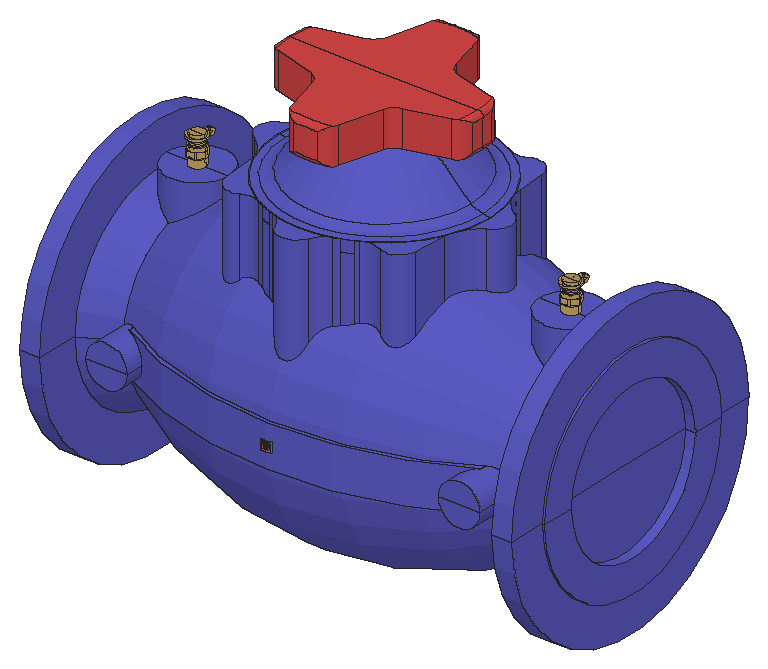
Revit family "HERZ Strömax Балансировочный клапан с измерительными клапанами, шпиндель прямой 4218 GMF", category Rohrzubehör, Revit 2021 (continued)
Definition of nested family "Messstutzen_Band_Austritt_senkrecht_(oben 25)"
  Forms (mm)
    Extrusion 4, solid, detail levels fine
      sketch origin (12.045, 0, 25.83) x (0, 1, 0) y (0.906308, 0, -0.422618)
        loop
          circle (0, 0) r 3.7
        loop
          arc (5.505, -3.906) -> (7.288, -2.358) -> (9.582, -1.8) r 5
          line (9.582, -1.8) -> (9.582, 1.8)
          arc (9.582, 1.8) -> (7.288, 2.358) -> (5.505, 3.906) r 5
          arc (5.505, 3.906) -> (-6.75, 0) -> (5.505, -3.906) r 6.75
      from 0 to -1.5
    Extrusion 5, solid, detail levels fine
      sketch origin (14.022, 0, 30.07) x (0, 1, 0) y (0.906308, 0, -0.422618)
        loop
          circle (0, 0) r 6.1
        loop
          arc (8.652, -4.495) -> (10.493, -2.527) -> (13.089, -1.8) r 5
          line (13.089, -1.8) -> (13.089, 1.8)
          arc (13.089, 1.8) -> (10.493, 2.527) -> (8.652, 4.495) r 5
          arc (8.652, 4.495) -> (-9.75, 0) -> (8.652, -4.495) r 9.75
      from 0 to -1.5
    Sweep 6, solid, detail levels fine
      path origin (0.876, 0.242, 1.118) x (-0.422618, 0, -0.906308) y (0, 1, 0)
        loop
          line (-27.75, 9.582) -> (-27.75, 14.522)
          arc (-27.75, 14.522) -> (-30.089, 16.862) -> (-32.428, 14.522) r 2.339
          line (-32.428, 14.522) -> (-32.428, 13.089)
      profile origin (12.603, 12.294, 26.268) x (0.422618, 0, 0.906308) y (0.906308, 0, -0.422618)
        loop
          line (-0.75, -1.8) -> (0.75, -1.8) -> (0.75, 1.8) -> (-0.75, 1.8) -> (-0.75, -1.8)
  Dimensions and locks
    aligned and locked: level to plane 2
Definition of nested family "Messstutzen_Band_Austritt_senkrecht_(oben 0.8)"
  Parameters (values of type "Messstutzen_Band_Austritt_senkrecht_(oben 0.8)")
    Default Elevation = 0.00 mm
    URL = "www.herz-armaturen.at"
    Schutzkappe [instance] = yes
    Nennweite [instance] = 0.00 mm
    Manufacturer = "Herz Armaturen GmbH"  # constant formula
    Gewicht [instance] = 0.00 kg
    Bestellnummer [instance] = 0
  Reference planes
    plane 1 "Mitte (Vorne/hinten)": y = 0
    plane 2: z = 0
    plane 3 "Mitte (Links/rechts)": x = 0
  Forms (mm)
    Revolve 1, solid, detail levels fine
      sketch origin (0, 0, 0) x (0.999903, 0, -0.013962) y (0.013962, 0, 0.999903)
        loop
          line (-7.4, 9) -> (-5.55, 9) -> (-5.55, 6)
          arc (-5.55, 6) -> (-5.626, 5.617) -> (-5.843, 5.293) r 1
          line (-5.843, 5.293) -> (-6.455, 4.681) -> (-6.455, 0.9) -> (-5.555, 0) -> (-2, 0) -> (-2, 17.5) -> (-8.4, 17.5)
          arc (-8.4, 17.5) -> (-7.693, 17.207) -> (-7.4, 16.5) r 1
          line (-7.4, 16.5) -> (-7.4, 9)
        loop
          line (-3.7, 27) -> (-7.3, 27) -> (-7.9, 26.4) -> (-7.9, 23) -> (-2, 23) -> (-2, 35.8) -> (-3.805, 35.8) -> (-4.415, 35.19) -> (-4.415, 30.863) -> (-3.7, 30.45) -> (-3.7, 27)
        axis (0, 0) -> (0, 35.8)
      angle from 0 to 360
    Extrusion 2, solid, detail levels fine
      sketch origin (0.244, 0, 17.498) x (0, 1, 0) y (-0.999903, 0, 0.013962)
        loop
          arc (-7.07, 5.156) -> (-7.578, 4.375) -> (-8, 3.544) r 8.75
          line (-8, 3.544) -> (-8, -3.544)
          arc (-8, -3.544) -> (-7.578, -4.375) -> (-7.07, -5.156) r 8.75
          line (-7.07, -5.156) -> (-0.93, -8.7)
          arc (-0.93, -8.7) -> (0, -8.75) -> (0.93, -8.7) r 8.75
          line (0.93, -8.7) -> (7.07, -5.156)
          arc (7.07, -5.156) -> (7.578, -4.375) -> (8, -3.544) r 8.75
          line (8, -3.544) -> (8, 3.544)
          arc (8, 3.544) -> (7.578, 4.375) -> (7.07, 5.156) r 8.75
          line (7.07, 5.156) -> (0.93, 8.7)
          arc (0.93, 8.7) -> (0, 8.75) -> (-0.93, 8.7) r 8.75
          line (-0.93, 8.7) -> (-7.07, 5.156)
      from 0 to 5.5
    Revolve 3, solid, visible <- "Schutzkappe", detail levels fine
      sketch origin (0, 0, 0) x (0.999903, 0, -0.013962) y (0.013962, 0, 0.999903)
        loop
          line (0, 35.878) -> (0, 36.678) -> (-7, 36.678) -> (-7, 33.378) -> (-6.1, 33.378) -> (-6.1, 31.678) -> (-6.9, 31.678) -> (-6.9, 30.178) -> (-4.415, 30.178) -> (-4.415, 35.268) -> (-3.805, 35.878) -> (0, 35.878)
        axis (0, 30.178) -> (0, 36.678)
      angle from 0 to 360
    Extrusion 4, solid, detail levels fine
      sketch origin (0.398, 0, 28.497) x (0, 1, 0) y (0.999903, 0, -0.013962)
        loop
          circle (0, 0) r 3.7
        loop
          arc (5.505, -3.906) -> (7.288, -2.358) -> (9.582, -1.8) r 5
          line (9.582, -1.8) -> (9.582, 1.8)
          arc (9.582, 1.8) -> (7.288, 2.358) -> (5.505, 3.906) r 5
          arc (5.505, 3.906) -> (-6.75, 0) -> (5.505, -3.906) r 6.75
      from 0 to -1.5
    Extrusion 5, solid, detail levels fine
      sketch origin (0.463, 0, 33.175) x (0, 1, 0) y (0.999903, 0, -0.013962)
        loop
          circle (0, 0) r 6.1
        loop
          arc (8.652, -4.495) -> (10.493, -2.527) -> (13.089, -1.8) r 5
          line (13.089, -1.8) -> (13.089, 1.8)
          arc (13.089, 1.8) -> (10.493, 2.527) -> (8.652, 4.495) r 5
          arc (8.652, 4.495) -> (-9.75, 0) -> (8.652, -4.495) r 9.75
      from 0 to -1.5
    Sweep 6, solid, detail levels fine
      path origin (0.514, 0.493, 1.007) x (-0.013962, 0, -0.999903) y (0, 1, 0)
        loop
          line (-27.75, 9.582) -> (-27.75, 14.522)
          arc (-27.75, 14.522) -> (-30.089, 16.862) -> (-32.428, 14.522) r 2.339
          line (-32.428, 14.522) -> (-32.428, 13.089)
      profile origin (0.901, 12.545, 28.754) x (0.013962, 0, 0.999903) y (0.999903, 0, -0.013962)
        loop
          line (-0.75, -1.8) -> (0.75, -1.8) -> (0.75, 1.8) -> (-0.75, 1.8) -> (-0.75, -1.8)
  Dimensions and locks
    aligned and locked: level to plane 2
Definition of nested family "Messstutzen_Band_Eintritt_senkrecht_(oben 10)"
  Parameters (values of type "Messstutzen_Band_Eintritt_senkrecht_(oben 10)")
    Default Elevation = 0.00 mm
    URL = "www.herz-armaturen.at"
    Schutzkappe [instance] = yes
    Nennweite [instance] = 0.00 mm
    Manufacturer = "Herz Armaturen GmbH"  # constant formula
    Gewicht [instance] = 0.00 kg
    Bestellnummer [instance] = 0
  Reference planes
    plane 1 "Mitte (Vorne/hinten)": y = 0
    plane 2: z = 0
    plane 3 "Mitte (Links/rechts)": x = 0
  Forms (mm)
    Revolve 1, solid, detail levels fine
      sketch origin (0, 0, 0) x (0.984808, 0, 0.173648) y (-0.173648, 0, 0.984808)
        loop
          line (-7.4, 9) -> (-5.55, 9) -> (-5.55, 6)
          arc (-5.55, 6) -> (-5.626, 5.617) -> (-5.843, 5.293) r 1
          line (-5.843, 5.293) -> (-6.455, 4.681) -> (-6.455, 0.9) -> (-5.555, 0) -> (-2, 0) -> (-2, 17.5) -> (-8.4, 17.5)
          arc (-8.4, 17.5) -> (-7.693, 17.207) -> (-7.4, 16.5) r 1
          line (-7.4, 16.5) -> (-7.4, 9)
        loop
          line (-3.7, 27) -> (-7.3, 27) -> (-7.9, 26.4) -> (-7.9, 23) -> (-2, 23) -> (-2, 35.8) -> (-3.805, 35.8) -> (-4.415, 35.19) -> (-4.415, 30.863) -> (-3.7, 30.45) -> (-3.7, 27)
        axis (0, 0) -> (0, 35.8)
      angle from 0 to 360
    Extrusion 2, solid, detail levels fine
      sketch origin (-3.039, 0, 17.234) x (0, 1, 0) y (-0.984808, 0, -0.173648)
        loop
          arc (-7.07, 5.156) -> (-7.578, 4.375) -> (-8, 3.544) r 8.75
          line (-8, 3.544) -> (-8, -3.544)
          arc (-8, -3.544) -> (-7.578, -4.375) -> (-7.07, -5.156) r 8.75
          line (-7.07, -5.156) -> (-0.93, -8.7)
          arc (-0.93, -8.7) -> (0, -8.75) -> (0.93, -8.7) r 8.75
          line (0.93, -8.7) -> (7.07, -5.156)
          arc (7.07, -5.156) -> (7.578, -4.375) -> (8, -3.544) r 8.75
          line (8, -3.544) -> (8, 3.544)
          arc (8, 3.544) -> (7.578, 4.375) -> (7.07, 5.156) r 8.75
          line (7.07, 5.156) -> (0.93, 8.7)
          arc (0.93, 8.7) -> (0, 8.75) -> (-0.93, 8.7) r 8.75
          line (-0.93, 8.7) -> (-7.07, 5.156)
      from 0 to 5.5
    Revolve 3, solid, visible <- "Schutzkappe", detail levels fine
      sketch origin (0, 0, 0) x (0.984808, 0, 0.173648) y (-0.173648, 0, 0.984808)
        loop
          line (0, 35.878) -> (0, 36.678) -> (-7, 36.678) -> (-7, 33.378) -> (-6.1, 33.378) -> (-6.1, 31.678) -> (-6.9, 31.678) -> (-6.9, 30.178) -> (-4.415, 30.178) -> (-4.415, 35.268) -> (-3.805, 35.878) -> (0, 35.878)
        axis (0, 30.178) -> (0, 36.678)
      angle from 0 to 360
    Extrusion 4, solid, detail levels fine
      sketch origin (-4.949, 0, 28.067) x (0, 1, 0) y (0.984808, 0, 0.173648)
        loop
          circle (0, 0) r 3.7
        loop
          arc (5.505, -3.906) -> (7.288, -2.358) -> (9.582, -1.8) r 5
          line (9.582, -1.8) -> (9.582, 1.8)
          arc (9.582, 1.8) -> (7.288, 2.358) -> (5.505, 3.906) r 5
          arc (5.505, 3.906) -> (-6.75, 0) -> (5.505, -3.906) r 6.75
      from 0 to -1.5
    Extrusion 5, solid, detail levels fine
      sketch origin (-5.761, 0, 32.674) x (0, 1, 0) y (0.984808, 0, 0.173648)
        loop
          circle (0, 0) r 6.1
        loop
          arc (8.652, -4.495) -> (10.493, -2.527) -> (13.089, -1.8) r 5
          line (13.089, -1.8) -> (13.089, 1.8)
          arc (13.089, 1.8) -> (10.493, 2.527) -> (8.652, 4.495) r 5
          arc (8.652, 4.495) -> (-9.75, 0) -> (8.652, -4.495) r 9.75
      from 0 to -1.5
    Sweep 6, solid, detail levels fine
      path origin (0.6, 0.141, 0.838) x (0.173648, 0, -0.984808) y (0, 1, 0)
        loop
          line (-27.75, 9.582) -> (-27.75, 14.522)
          arc (-27.75, 14.522) -> (-30.089, 16.862) -> (-32.428, 14.522) r 2.339
          line (-32.428, 14.522) -> (-32.428, 13.089)
      profile origin (-4.219, 12.193, 28.166) x (-0.173648, 0, 0.984808) y (0.984808, 0, 0.173648)
        loop
          line (-0.75, -1.8) -> (0.75, -1.8) -> (0.75, 1.8) -> (-0.75, 1.8) -> (-0.75, -1.8)
  Dimensions and locks
    aligned and locked: level to plane 2
Definition of nested family "Messstutzen_Band_Eintritt_senkrecht_(oben 15)"
  Parameters (values of type "Messstutzen_Band_Eintritt_senkrecht_(oben 15)")
    Default Elevation = 0.00 mm
    URL = "www.herz-armaturen.at"
    Schutzkappe [instance] = yes
    Nennweite [instance] = 0.00 mm
    Manufacturer = "Herz Armaturen GmbH"  # constant formula
    Gewicht [instance] = 0.00 kg
    Bestellnummer [instance] = 0
  Reference planes
    plane 1 "Mitte (Vorne/hinten)": y = 0
    plane 2: z = 0
    plane 3 "Mitte (Links/rechts)": x = 0
  Forms (mm)
    Revolve 1, solid, detail levels fine
      sketch origin (0, 0, 0) x (0.965926, 0, 0.258819) y (-0.258819, 0, 0.965926)
        loop
          line (-7.4, 9) -> (-5.55, 9) -> (-5.55, 6)
          arc (-5.55, 6) -> (-5.626, 5.617) -> (-5.843, 5.293) r 1
          line (-5.843, 5.293) -> (-6.455, 4.681) -> (-6.455, 0.9) -> (-5.555, 0) -> (-2, 0) -> (-2, 17.5) -> (-8.4, 17.5)
          arc (-8.4, 17.5) -> (-7.693, 17.207) -> (-7.4, 16.5) r 1
          line (-7.4, 16.5) -> (-7.4, 9)
        loop
          line (-3.7, 27) -> (-7.3, 27) -> (-7.9, 26.4) -> (-7.9, 23) -> (-2, 23) -> (-2, 35.8) -> (-3.805, 35.8) -> (-4.415, 35.19) -> (-4.415, 30.863) -> (-3.7, 30.45) -> (-3.7, 27)
        axis (0, 0) -> (0, 35.8)
      angle from 0 to 360
    Extrusion 2, solid, detail levels fine
      sketch origin (-4.529, 0, 16.904) x (0, 1, 0) y (-0.965926, 0, -0.258819)
        loop
          arc (-7.07, 5.156) -> (-7.578, 4.375) -> (-8, 3.544) r 8.75
          line (-8, 3.544) -> (-8, -3.544)
          arc (-8, -3.544) -> (-7.578, -4.375) -> (-7.07, -5.156) r 8.75
          line (-7.07, -5.156) -> (-0.93, -8.7)
          arc (-0.93, -8.7) -> (0, -8.75) -> (0.93, -8.7) r 8.75
          line (0.93, -8.7) -> (7.07, -5.156)
          arc (7.07, -5.156) -> (7.578, -4.375) -> (8, -3.544) r 8.75
          line (8, -3.544) -> (8, 3.544)
          arc (8, 3.544) -> (7.578, 4.375) -> (7.07, 5.156) r 8.75
          line (7.07, 5.156) -> (0.93, 8.7)
          arc (0.93, 8.7) -> (0, 8.75) -> (-0.93, 8.7) r 8.75
          line (-0.93, 8.7) -> (-7.07, 5.156)
      from 0 to 5.5
    Revolve 3, solid, visible <- "Schutzkappe", detail levels fine
      sketch origin (0, 0, 0) x (0.965926, 0, 0.258819) y (-0.258819, 0, 0.965926)
        loop
          line (0, 35.878) -> (0, 36.678) -> (-7, 36.678) -> (-7, 33.378) -> (-6.1, 33.378) -> (-6.1, 31.678) -> (-6.9, 31.678) -> (-6.9, 30.178) -> (-4.415, 30.178) -> (-4.415, 35.268) -> (-3.805, 35.878) -> (0, 35.878)
        axis (0, 30.178) -> (0, 36.678)
      angle from 0 to 360
    Extrusion 4, solid, detail levels fine
      sketch origin (-7.376, 0, 27.529) x (0, 1, 0) y (0.965926, 0, 0.258819)
        loop
          circle (0, 0) r 3.7
        loop
          arc (5.505, -3.906) -> (7.288, -2.358) -> (9.582, -1.8) r 5
          line (9.582, -1.8) -> (9.582, 1.8)
          arc (9.582, 1.8) -> (7.288, 2.358) -> (5.505, 3.906) r 5
          arc (5.505, 3.906) -> (-6.75, 0) -> (5.505, -3.906) r 6.75
      from 0 to -1.5
    Extrusion 5, solid, detail levels fine
      sketch origin (-8.587, 0, 32.048) x (0, 1, 0) y (0.965926, 0, 0.258819)
        loop
          circle (0, 0) r 6.1
        loop
          arc (8.652, -4.495) -> (10.493, -2.527) -> (13.089, -1.8) r 5
          line (13.089, -1.8) -> (13.089, 1.8)
          arc (13.089, 1.8) -> (10.493, 2.527) -> (8.652, 4.495) r 5
          arc (8.652, 4.495) -> (-9.75, 0) -> (8.652, -4.495) r 9.75
      from 0 to -1.5
    Sweep 6, solid, detail levels fine
      path origin (0.468, 0.277, 0.942) x (0.258819, 0, -0.965926) y (0, 1, 0)
        loop
          line (-27.75, 9.582) -> (-27.75, 14.522)
          arc (-27.75, 14.522) -> (-30.089, 16.862) -> (-32.428, 14.522) r 2.339
          line (-32.428, 14.522) -> (-32.428, 13.089)
      profile origin (-6.714, 12.329, 27.747) x (-0.258819, 0, 0.965926) y (0.965926, 0, 0.258819)
        loop
          line (-0.75, -1.8) -> (0.75, -1.8) -> (0.75, 1.8) -> (-0.75, 1.8) -> (-0.75, -1.8)
  Dimensions and locks
    aligned and locked: level to plane 2
Definition of nested family "Messstutzen_Band_Eintritt_senkrecht_(oben 25)"
  Parameters (values of type "Messstutzen_Band_Eintritt_senkrecht_(oben 25)")
    Default Elevation = 0.00 mm
    URL = "www.herz-armaturen.at"
    Schutzkappe [instance] = yes
    Nennweite [instance] = 0.00 mm
    Manufacturer = "Herz Armaturen GmbH"  # constant formula
    Gewicht [instance] = 0.00 kg
    Bestellnummer [instance] = 0
  Reference planes
    plane 1 "Mitte (Vorne/hinten)": y = 0
    plane 2: z = 0
    plane 3 "Mitte (Links/rechts)": x = 0
  Forms (mm)
    Revolve 1, solid, detail levels fine
      sketch origin (0, 0, 0) x (0.906308, 0, 0.422618) y (-0.422618, 0, 0.906308)
        loop
          line (-7.4, 9) -> (-5.55, 9) -> (-5.55, 6)
          arc (-5.55, 6) -> (-5.626, 5.617) -> (-5.843, 5.293) r 1
          line (-5.843, 5.293) -> (-6.455, 4.681) -> (-6.455, 0.9) -> (-5.555, 0) -> (-2, 0) -> (-2, 17.5) -> (-8.4, 17.5)
          arc (-8.4, 17.5) -> (-7.693, 17.207) -> (-7.4, 16.5) r 1
          line (-7.4, 16.5) -> (-7.4, 9)
        loop
          line (-3.7, 27) -> (-7.3, 27) -> (-7.9, 26.4) -> (-7.9, 23) -> (-2, 23) -> (-2, 35.8) -> (-3.805, 35.8) -> (-4.415, 35.19) -> (-4.415, 30.863) -> (-3.7, 30.45) -> (-3.7, 27)
        axis (0, 0) -> (0, 35.8)
      angle from 0 to 360
    Extrusion 2, solid, detail levels fine
      sketch origin (-7.396, 0, 15.86) x (0, 1, 0) y (-0.906308, 0, -0.422618)
        loop
          arc (-7.07, 5.156) -> (-7.578, 4.375) -> (-8, 3.544) r 8.75
          line (-8, 3.544) -> (-8, -3.544)
          arc (-8, -3.544) -> (-7.578, -4.375) -> (-7.07, -5.156) r 8.75
          line (-7.07, -5.156) -> (-0.93, -8.7)
          arc (-0.93, -8.7) -> (0, -8.75) -> (0.93, -8.7) r 8.75
          line (0.93, -8.7) -> (7.07, -5.156)
          arc (7.07, -5.156) -> (7.578, -4.375) -> (8, -3.544) r 8.75
          line (8, -3.544) -> (8, 3.544)
          arc (8, 3.544) -> (7.578, 4.375) -> (7.07, 5.156) r 8.75
          line (7.07, 5.156) -> (0.93, 8.7)
          arc (0.93, 8.7) -> (0, 8.75) -> (-0.93, 8.7) r 8.75
          line (-0.93, 8.7) -> (-7.07, 5.156)
      from 0 to 5.5
    Revolve 3, solid, visible <- "Schutzkappe", detail levels fine
      sketch origin (0, 0, 0) x (0.906308, 0, 0.422618) y (-0.422618, 0, 0.906308)
        loop
          line (0, 35.878) -> (0, 36.678) -> (-7, 36.678) -> (-7, 33.378) -> (-6.1, 33.378) -> (-6.1, 31.678) -> (-6.9, 31.678) -> (-6.9, 30.178) -> (-4.415, 30.178) -> (-4.415, 35.268) -> (-3.805, 35.878) -> (0, 35.878)
        axis (0, 30.178) -> (0, 36.678)
      angle from 0 to 360
    Extrusion 4, solid, detail levels fine
      sketch origin (-12.045, 0, 25.83) x (0, 1, 0) y (0.906308, 0, 0.422618)
        loop
          circle (0, 0) r 3.7
        loop
          arc (5.505, -3.906) -> (7.288, -2.358) -> (9.582, -1.8) r 5
          line (9.582, -1.8) -> (9.582, 1.8)
          arc (9.582, 1.8) -> (7.288, 2.358) -> (5.505, 3.906) r 5
          arc (5.505, 3.906) -> (-6.75, 0) -> (5.505, -3.906) r 6.75
      from 0 to -1.5
    Extrusion 5, solid, detail levels fine
      sketch origin (-14.022, 0, 30.07) x (0, 1, 0) y (0.906308, 0, 0.422618)
        loop
          circle (0, 0) r 6.1
        loop
          arc (8.652, -4.495) -> (10.493, -2.527) -> (13.089, -1.8) r 5
          line (13.089, -1.8) -> (13.089, 1.8)
          arc (13.089, 1.8) -> (10.493, 2.527) -> (8.652, 4.495) r 5
          arc (8.652, 4.495) -> (-9.75, 0) -> (8.652, -4.495) r 9.75
      from 0 to -1.5
    Sweep 6, solid, detail levels fine
      path origin (-0.876, 0.242, 1.118) x (0.422618, 0, -0.906308) y (0, 1, 0)
        loop
          line (-27.75, 9.582) -> (-27.75, 14.522)
          arc (-27.75, 14.522) -> (-30.089, 16.862) -> (-32.428, 14.522) r 2.339
          line (-32.428, 14.522) -> (-32.428, 13.089)
      profile origin (-12.603, 12.294, 26.268) x (-0.422618, 0, 0.906308) y (0.906308, 0, 0.422618)
        loop
          line (-0.75, -1.8) -> (0.75, -1.8) -> (0.75, 1.8) -> (-0.75, 1.8) -> (-0.75, -1.8)
  Dimensions and locks
    aligned and locked: level to plane 2
Definition of nested family "Messstutzen_Band_Eintritt_senkrecht_(oben 0.8)"
  Parameters (values of type "Messstutzen_Band_Eintritt_senkrecht_(oben 0.8)")
    Default Elevation = 0.00 mm
    URL = "www.herz-armaturen.at"
    Schutzkappe [instance] = yes
    Nennweite [instance] = 0.00 mm
    Manufacturer = "Herz Armaturen GmbH"  # constant formula
    Gewicht [instance] = 0.00 kg
    Bestellnummer [instance] = 0
  Reference planes
    plane 1 "Mitte (Vorne/hinten)": y = 0
    plane 2: z = 0
    plane 3 "Mitte (Links/rechts)": x = 0
  Forms (mm)
    Revolve 1, solid, detail levels fine
      sketch origin (0, 0, 0) x (0.999903, 0, 0.013962) y (-0.013962, 0, 0.999903)
        loop
          line (-7.4, 9) -> (-5.55, 9) -> (-5.55, 6)
          arc (-5.55, 6) -> (-5.626, 5.617) -> (-5.843, 5.293) r 1
          line (-5.843, 5.293) -> (-6.455, 4.681) -> (-6.455, 0.9) -> (-5.555, 0) -> (-2, 0) -> (-2, 17.5) -> (-8.4, 17.5)
          arc (-8.4, 17.5) -> (-7.693, 17.207) -> (-7.4, 16.5) r 1
          line (-7.4, 16.5) -> (-7.4, 9)
        loop
          line (-3.7, 27) -> (-7.3, 27) -> (-7.9, 26.4) -> (-7.9, 23) -> (-2, 23) -> (-2, 35.8) -> (-3.805, 35.8) -> (-4.415, 35.19) -> (-4.415, 30.863) -> (-3.7, 30.45) -> (-3.7, 27)
        axis (0, 0) -> (0, 35.8)
      angle from 0 to 360
    Extrusion 2, solid, detail levels fine
      sketch origin (-0.244, 0, 17.498) x (0, 1, 0) y (-0.999903, 0, -0.013962)
        loop
          arc (-7.07, 5.156) -> (-7.578, 4.375) -> (-8, 3.544) r 8.75
          line (-8, 3.544) -> (-8, -3.544)
          arc (-8, -3.544) -> (-7.578, -4.375) -> (-7.07, -5.156) r 8.75
          line (-7.07, -5.156) -> (-0.93, -8.7)
          arc (-0.93, -8.7) -> (0, -8.75) -> (0.93, -8.7) r 8.75
          line (0.93, -8.7) -> (7.07, -5.156)
          arc (7.07, -5.156) -> (7.578, -4.375) -> (8, -3.544) r 8.75
          line (8, -3.544) -> (8, 3.544)
          arc (8, 3.544) -> (7.578, 4.375) -> (7.07, 5.156) r 8.75
          line (7.07, 5.156) -> (0.93, 8.7)
          arc (0.93, 8.7) -> (0, 8.75) -> (-0.93, 8.7) r 8.75
          line (-0.93, 8.7) -> (-7.07, 5.156)
      from 0 to 5.5
    Revolve 3, solid, visible <- "Schutzkappe", detail levels fine
      sketch origin (0, 0, 0) x (0.999903, 0, 0.013962) y (-0.013962, 0, 0.999903)
        loop
          line (0, 35.878) -> (0, 36.678) -> (-7, 36.678) -> (-7, 33.378) -> (-6.1, 33.378) -> (-6.1, 31.678) -> (-6.9, 31.678) -> (-6.9, 30.178) -> (-4.415, 30.178) -> (-4.415, 35.268) -> (-3.805, 35.878) -> (0, 35.878)
        axis (0, 30.178) -> (0, 36.678)
      angle from 0 to 360
    Extrusion 4, solid, detail levels fine
      sketch origin (-0.398, 0, 28.497) x (0, 1, 0) y (0.999903, 0, 0.013962)
        loop
          circle (0, 0) r 3.7
        loop
          arc (5.505, -3.906) -> (7.288, -2.358) -> (9.582, -1.8) r 5
          line (9.582, -1.8) -> (9.582, 1.8)
          arc (9.582, 1.8) -> (7.288, 2.358) -> (5.505, 3.906) r 5
          arc (5.505, 3.906) -> (-6.75, 0) -> (5.505, -3.906) r 6.75
      from 0 to -1.5
    Extrusion 5, solid, detail levels fine
      sketch origin (-0.463, 0, 33.175) x (0, 1, 0) y (0.999903, 0, 0.013962)
        loop
          circle (0, 0) r 6.1
        loop
          arc (8.652, -4.495) -> (10.493, -2.527) -> (13.089, -1.8) r 5
          line (13.089, -1.8) -> (13.089, 1.8)
          arc (13.089, 1.8) -> (10.493, 2.527) -> (8.652, 4.495) r 5
          arc (8.652, 4.495) -> (-9.75, 0) -> (8.652, -4.495) r 9.75
      from 0 to -1.5
    Sweep 6, solid, detail levels fine
      path origin (0.447, 0.318, 1.252) x (0.013962, 0, -0.999903) y (0, 1, 0)
        loop
          line (-27.75, 9.582) -> (-27.75, 14.522)
          arc (-27.75, 14.522) -> (-30.089, 16.862) -> (-32.428, 14.522) r 2.339
          line (-32.428, 14.522) -> (-32.428, 13.089)
      profile origin (0.059, 12.37, 29) x (-0.013962, 0, 0.999903) y (0.999903, 0, 0.013962)
        loop
          line (-0.75, -1.8) -> (0.75, -1.8) -> (0.75, 1.8) -> (-0.75, 1.8) -> (-0.75, -1.8)
  Dimensions and locks
    aligned and locked: level to plane 2
Definition of nested family "Strangregulierventil-Handrad-Gerade (Rot) DN15-DN40"
  Parameters (values of type "Strangregulierventil-Handrad-Gerade (Rot) DN15-DN40")
    Default Elevation = 0.00 mm
    URL = "www.herz-armaturen.at"
    Nennweite [instance] = 0.00 mm
    Manufacturer = "Herz Armaturen GmbH"  # constant formula
    Gewicht [instance] = 0.00 kg
    Bestellnummer [instance] = 0
  Reference planes
    plane 1 "Mitte (Vorne/hinten)": y = 0
    plane 2: z = 0
    plane 3 "Mitte (Links/rechts)": x = 0
  Forms (mm)
    Revolve 1, solid, detail levels fine
      sketch origin (0, 0, 0) x (1, 0, 0) y (0, 0, 1)
        loop
          line (0, 0) -> (0, 24.95) -> (-30.992, 24.95)
          arc (-30.992, 24.95) -> (-34.37, 23.636) -> (-35.973, 20.386) r 5
          line (-35.973, 20.386) -> (-37, 8.65) -> (-35.986, -2.936)
          arc (-35.986, -2.936) -> (-34.383, -6.186) -> (-31.005, -7.5) r 5
          line (-31.005, -7.5) -> (-15, -7.5) -> (-15, 0) -> (0, 0)
        axis (0, 24.95) -> (0, -7.5)
      angle from 0 to 360
    Extrusion 2, void
      sketch origin (0, 0, 20.3) x (1, 0, 0) y (0, 1, 0)
        loop
          line (3.861, 35.5) -> (-3.861, 35.5)
          arc (-3.861, 35.5) -> (-8.731, 33.847) -> (-11.589, 29.571) r 8
          line (-11.589, 29.571) -> (-13.284, 23.245)
          arc (-13.284, 23.245) -> (-13.982, 21.722) -> (-15.144, 20.516) r 5
          arc (-15.144, 20.516) -> (-18.031, 18.031) -> (-20.516, 15.144) r 25.5
          arc (-20.516, 15.144) -> (-21.722, 13.982) -> (-23.245, 13.284) r 5
          line (-23.245, 13.284) -> (-29.571, 11.589)
          arc (-29.571, 11.589) -> (-33.847, 8.731) -> (-35.5, 3.861) r 8
          line (-35.5, 3.861) -> (-35.5, -3.861)
          arc (-35.5, -3.861) -> (-33.847, -8.731) -> (-29.571, -11.589) r 8
          line (-29.571, -11.589) -> (-23.245, -13.284)
          arc (-23.245, -13.284) -> (-21.722, -13.982) -> (-20.516, -15.144) r 5
          arc (-20.516, -15.144) -> (-18.031, -18.031) -> (-15.144, -20.516) r 25.5
          arc (-15.144, -20.516) -> (-13.982, -21.722) -> (-13.284, -23.245) r 5
          line (-13.284, -23.245) -> (-11.589, -29.571)
          arc (-11.589, -29.571) -> (-8.731, -33.847) -> (-3.861, -35.5) r 8
          line (-3.861, -35.5) -> (3.861, -35.5)
          arc (3.861, -35.5) -> (8.731, -33.847) -> (11.589, -29.571) r 8
          line (11.589, -29.571) -> (13.284, -23.245)
          arc (13.284, -23.245) -> (13.982, -21.722) -> (15.144, -20.516) r 5
          arc (15.144, -20.516) -> (18.031, -18.031) -> (20.516, -15.144) r 25.5
          arc (20.516, -15.144) -> (21.722, -13.982) -> (23.245, -13.284) r 5
          line (23.245, -13.284) -> (29.571, -11.589)
          arc (29.571, -11.589) -> (33.847, -8.731) -> (35.5, -3.861) r 8
          line (35.5, -3.861) -> (35.5, 3.861)
          arc (35.5, 3.861) -> (33.847, 8.731) -> (29.571, 11.589) r 8
          line (29.571, 11.589) -> (23.245, 13.284)
          arc (23.245, 13.284) -> (21.722, 13.982) -> (20.516, 15.144) r 5
          arc (20.516, 15.144) -> (18.031, 18.031) -> (15.144, 20.516) r 25.5
          arc (15.144, 20.516) -> (13.982, 21.722) -> (13.284, 23.245) r 5
          line (13.284, 23.245) -> (11.589, 29.571)
          arc (11.589, 29.571) -> (8.731, 33.847) -> (3.861, 35.5) r 8
        loop
          circle (0, 0) r 38
      from -31.266 to 7.923
  Cuts and joins
    Extrusion 2 cuts Revolve 1
  Dimensions and locks
    Revolve 1 sketch curve to Revolve 1 sketch curve = 15.00 mm
    Revolve 1 sketch curve to Revolve 1 sketch curve = 16.15 mm
    Revolve 1 sketch curve to Revolve 1 sketch curve = 16.30 mm
    angle Revolve 1 sketch curve to Revolve 1 sketch curve = 95.00°
    aligned and locked: level to plane 2
Definition of nested family "Strangregulierventil-Handrad-Gerade (Rot) DN50-DN80"
  Parameters (values of type "Strangregulierventil-Handrad-Gerade (Rot) DN50-DN80")
    Default Elevation = 0.00 mm
    URL = "www.herz-armaturen.at"
    Nennweite [instance] = 0.00 mm
    Manufacturer = "Herz Armaturen GmbH"  # constant formula
    Gewicht [instance] = 0.00 kg
    Bestellnummer [instance] = 0
  Reference planes
    plane 1 "Mitte (Vorne/hinten)": y = 0
    plane 2: z = 0
    plane 3 "Mitte (Links/rechts)": x = 0
  Forms (mm)
    Revolve 1, solid, detail levels fine
      sketch origin (0, 0, 0) x (1, 0, 0) y (0, 0, 1)
        loop
          line (0, 0) -> (0, 24.95) -> (-50.992, 24.95)
          arc (-50.992, 24.95) -> (-54.37, 23.636) -> (-55.973, 20.386) r 5
          line (-55.973, 20.386) -> (-57, 8.65) -> (-55.986, -2.936)
          arc (-55.986, -2.936) -> (-54.383, -6.186) -> (-51.005, -7.5) r 5
          line (-51.005, -7.5) -> (-15, -7.5) -> (-15, 0) -> (0, 0)
        axis (0, 24.95) -> (0, -7.5)
      angle from 0 to 360
    Extrusion 2, void
      sketch origin (0, 0, 20.3) x (1, 0, 0) y (0, 1, 0)
        loop
          line (-55, 6.292) -> (-55, -6.292)
          arc (-55, -6.292) -> (-52.52, -13.597) -> (-46.106, -17.883) r 12
          line (-46.106, -17.883) -> (-35.399, -20.752)
          arc (-35.399, -20.752) -> (-33.541, -21.612) -> (-32.08, -23.047) r 6
          arc (-32.08, -23.047) -> (-27.931, -27.931) -> (-23.047, -32.08) r 39.5
          arc (-23.047, -32.08) -> (-21.612, -33.541) -> (-20.752, -35.399) r 6
          line (-20.752, -35.399) -> (-17.883, -46.106)
          arc (-17.883, -46.106) -> (-13.597, -52.52) -> (-6.292, -55) r 12
          line (-6.292, -55) -> (6.292, -55)
          arc (6.292, -55) -> (13.597, -52.52) -> (17.883, -46.106) r 12
          line (17.883, -46.106) -> (20.752, -35.399)
          arc (20.752, -35.399) -> (21.612, -33.541) -> (23.047, -32.08) r 6
          arc (23.047, -32.08) -> (27.931, -27.931) -> (32.08, -23.047) r 39.5
          arc (32.08, -23.047) -> (33.541, -21.612) -> (35.399, -20.752) r 6
          line (35.399, -20.752) -> (46.106, -17.883)
          arc (46.106, -17.883) -> (52.52, -13.597) -> (55, -6.292) r 12
          line (55, -6.292) -> (55, 6.292)
          arc (55, 6.292) -> (52.52, 13.597) -> (46.106, 17.883) r 12
          line (46.106, 17.883) -> (35.399, 20.752)
          arc (35.399, 20.752) -> (33.541, 21.612) -> (32.08, 23.047) r 6
          arc (32.08, 23.047) -> (27.931, 27.931) -> (23.047, 32.08) r 39.5
          arc (23.047, 32.08) -> (21.612, 33.541) -> (20.752, 35.399) r 6
          line (20.752, 35.399) -> (17.883, 46.106)
          arc (17.883, 46.106) -> (13.597, 52.52) -> (6.292, 55) r 12
          line (6.292, 55) -> (-6.292, 55)
          arc (-6.292, 55) -> (-13.597, 52.52) -> (-17.883, 46.106) r 12
          line (-17.883, 46.106) -> (-20.752, 35.399)
          arc (-20.752, 35.399) -> (-21.612, 33.541) -> (-23.047, 32.08) r 6
          arc (-23.047, 32.08) -> (-27.931, 27.931) -> (-32.08, 23.047) r 39.5
          arc (-32.08, 23.047) -> (-33.541, 21.612) -> (-35.399, 20.752) r 6
          line (-35.399, 20.752) -> (-46.106, 17.883)
          arc (-46.106, 17.883) -> (-52.52, 13.597) -> (-55, 6.292) r 12
        loop
          circle (0, 0) r 60
      from -31.161 to 7.489
  Cuts and joins
    Extrusion 2 cuts Revolve 1
  Dimensions and locks
    Revolve 1 sketch curve to Revolve 1 sketch curve = 15.00 mm
    Revolve 1 sketch curve to Revolve 1 sketch curve = 16.15 mm
    Revolve 1 sketch curve to Revolve 1 sketch curve = 16.30 mm
    Revolve 1 sketch curve to Revolve 1 sketch curve = 57.00 mm
    angle Revolve 1 sketch curve to Revolve 1 sketch curve = 95.00°
    aligned and locked: level to plane 2
Definition of nested family "Strangregulierventil-Handrad-Gerade (Rot) DN100-DN150"
  Parameters (values of type "Strangregulierventil-Handrad-Gerade (Rot) DN100-DN150")
    Default Elevation = 0.00 mm
    URL = "www.herz-armaturen.at"
    Nennweite [instance] = 0.00 mm
    Manufacturer = "Herz Armaturen GmbH"  # constant formula
    Gewicht [instance] = 0.00 kg
    Bestellnummer [instance] = 0
  Reference planes
    plane 1 "Mitte (Vorne/hinten)": y = 0
    plane 2: z = 0
    plane 3 "Mitte (Links/rechts)": x = 0
  Forms (mm)
    Revolve 1, solid, detail levels fine
      sketch origin (0, 0, 0) x (1, 0, 0) y (0, 0, 1)
        loop
          line (0, 0) -> (0, 20.8) -> (-90.019, 20.8)
          arc (-90.019, 20.8) -> (-93.397, 19.486) -> (-95, 16.236) r 5
          line (-95, 16.236) -> (-95, -9.166)
          arc (-95, -9.166) -> (-93.362, -12.33) -> (-90.032, -13.6) r 5
          line (-90.032, -13.6) -> (-20, -13.6) -> (-20, 0) -> (0, 0)
        axis (0, 20.8) -> (0, -13.6)
      angle from 0 to 360
    Extrusion 2, void
      sketch origin (0, 0, 20.3) x (1, 0, 0) y (0, 1, 0)
        loop
          circle (0, 0) r 110
        loop
          arc (-8.5, 94.619) -> (-17.649, 91.506) -> (-23, 83.46) r 15
          line (-23, 83.46) -> (-33.535, 44.142)
          arc (-33.535, 44.142) -> (-37.417, 37.417) -> (-44.142, 33.535) r 15
          line (-44.142, 33.535) -> (-83.46, 23)
          arc (-83.46, 23) -> (-91.506, 17.649) -> (-94.619, 8.5) r 15
          arc (-94.619, 8.5) -> (-95, 0) -> (-94.619, -8.5) r 95
          arc (-94.619, -8.5) -> (-91.506, -17.649) -> (-83.46, -23) r 15
          line (-83.46, -23) -> (-44.142, -33.535)
          arc (-44.142, -33.535) -> (-37.417, -37.417) -> (-33.535, -44.142) r 15
          line (-33.535, -44.142) -> (-23, -83.46)
          arc (-23, -83.46) -> (-17.649, -91.506) -> (-8.5, -94.619) r 15
          arc (-8.5, -94.619) -> (0, -95) -> (8.5, -94.619) r 95
          arc (8.5, -94.619) -> (17.649, -91.506) -> (23, -83.46) r 15
          line (23, -83.46) -> (33.535, -44.142)
          arc (33.535, -44.142) -> (37.417, -37.417) -> (44.142, -33.535) r 15
          line (44.142, -33.535) -> (83.46, -23)
          arc (83.46, -23) -> (91.506, -17.649) -> (94.619, -8.5) r 15
          arc (94.619, -8.5) -> (95, 0) -> (94.619, 8.5) r 95
          arc (94.619, 8.5) -> (91.506, 17.649) -> (83.46, 23) r 15
          line (83.46, 23) -> (44.142, 33.535)
          arc (44.142, 33.535) -> (37.417, 37.417) -> (33.535, 44.142) r 15
          line (33.535, 44.142) -> (23, 83.46)
          arc (23, 83.46) -> (17.649, 91.506) -> (8.5, 94.619) r 15
          arc (8.5, 94.619) -> (0, 95) -> (-8.5, 94.619) r 95
      from -51.286 to 22
  Cuts and joins
    Extrusion 2 cuts Revolve 1
  Dimensions and locks
    Revolve 1 sketch curve to Revolve 1 sketch curve = 20.00 mm
    Revolve 1 sketch curve to Revolve 1 sketch curve = 95.00 mm
    Revolve 1 sketch curve to Revolve 1 sketch curve = 34.40 mm
    plane 2 to Revolve 1 sketch curve = 13.60 mm
    aligned and locked: level to plane 2
